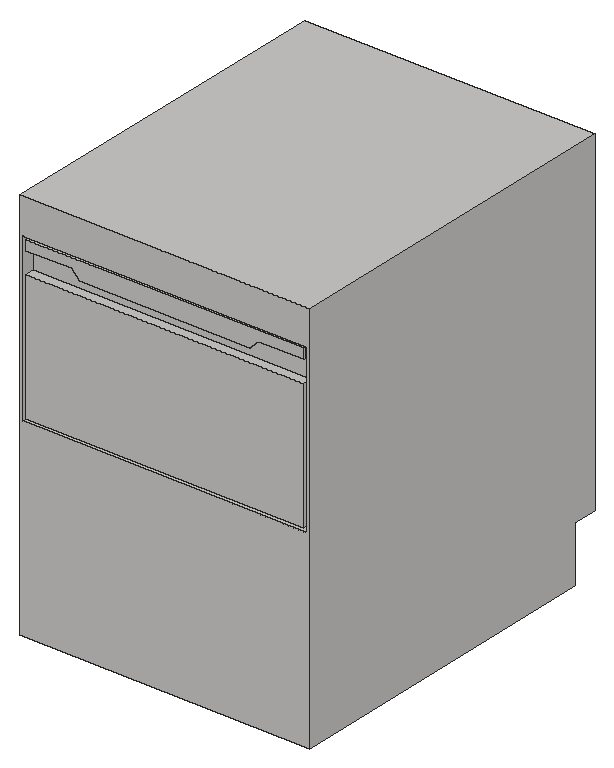
Revit family "QF_ELECTROLUXPROFESSIONAL_402208_ESSIC", category Specialty Equipment, Revit 2018
Family settings
  Round Connector Dimension = Use Diameter
  Part Type = Normal
  Work Plane-Based = No
  Always vertical = Yes
  Cut with Voids When Loaded = No
  Shared = No
  Room Calculation Point = No
Parameters
  Weight = 34.00 kg
  Watts = 0 W
  Volts = 0 V
  URL Manufacturer = ""
  URL = "http://professional.electrolux.com/"
  Steam Supply Size = 0 mm
  Steam Supply Minimum Pressure = 0.0 Pa
  Steam Supply Maximum Pressure = 0.0 Pa
  Steam Pounds per Hour = 0
  Show Logo [instance] = yes
  Show Clearance [instance] = yes
  Refrigeration Suction Line Size = 0 mm
  Refrigeration Liquid Line Size = 0 mm
  Refrigerant Compressor Remote = yes
  Manufacturer = ""
  Phase = 0
  Model = ""
  Length Actual = 460 mm  # constant formula
  Item Number = ""
  Hot Water Size = 0 mm
  Height Actual = 635 mm  # constant formula
  HP = "4.4 HP"
  Gas Size = 0 mm
  Gas KW = 0
  Gas Input Pressure = 0 W
  Direct Waste Size = 22 mm
  Description = ""
  Depth Actual = 565 mm  # constant formula
  Cycle = 0 Hz
  Condensate Return Size = 0 mm
  Compressed Air Volume = 0.0 L/s
  Compressed Air Size = 0 mm
  Compressed Air Pressure = 0.0 Pa
  Cold Water Size = 0 mm
  Accessory = yes
Types (2, lengths in mm): name | Volts | URL Manufacturer | URL | Manufacturer | Phase | Model | Item Number | Description | Cycle | Cold Water Size
  (no name) | 0 V | "" | "http://professional.electrolux.com/" | "" | 0 | "" | "" | "" | 0 Hz | 0
  Standard | 220 V | "http://professional.electrolux.com" | "http://professional.electrolux.com" | "Electrolux Professional" | 1 | "ESSIC" | "402208" | "GLASSWASHER(SHORT S) DOUBLE SKIN, COLD RINSE, 30B/H" | 50 Hz | 19.05
Reference planes
  plane 1 "Center (Front/Back)": y = 0
  plane 2: z = 0
  plane 3 "Center (Left/Right)": x = 0
  plane 4 "LEFT": x = -230
  plane 5 "RIGHT": x = 230
  plane 6 "FRONT": y = -282.5
  plane 7 "BACK": y = 282.5
  plane 8: x = -202.5
  plane 9: x = 202.5
  plane 10: z = 635
  plane 11: z = 10
Forms (mm)
  Extrusion 1, solid, material "QF_Finishes_Stainless Steel"
    sketch origin (0, 0, 0) x (1, 0, 0) y (0, 1, 0)
      loop
        line (-230, -282.5) -> (230, -282.5) -> (230, 243.5) -> (-230, 243.5) -> (-230, -282.5)
    from 10 to 635
  Extrusion 2, solid, material "QF_Finishes_Stainless Steel"
    sketch origin (0, 0, 0) x (1, 0, 0) y (0, 1, 0)
      loop
        line (-230, 243.5) -> (230, 243.5) -> (230, 282.5) -> (-230, 282.5) -> (-230, 243.5)
    from 100 to 635
  Extrusion 3, solid, material "QF_Finishes_Stainless Steel"
    sketch origin (0, 0, 0) x (1, 0, 0) y (0, 1, 0)
      loop
        circle (-202.5, 184.5) r 12.5
      loop
        circle (202.5, 184.5) r 12.5
      loop
        circle (-202.5, -235.5) r 12.5
      loop
        circle (202.5, -235.5) r 12.5
    from 0 to 10
  Extrusion 4, void
    sketch origin (-230, -282.5, 0) x (-1, 0, 0) y (0, 0, 1)
      loop
        line (-5, 578.217) -> (-455, 578.217) -> (-455, 315) -> (-5, 315) -> (-5, 578.217)
    from 0 to 30
  Extrusion 5, solid, material "QF_Finishes_Stainless Steel"
    sketch origin (-288, -392, 738) x (0, 0, -1) y (1, 0, 0)
      loop
        circle (693, 213) r 10
    from -635.5 to -674.5
  Extrusion 6, solid, material "QF_Door-Drawer Clearances", visible <- "Show Clearance", detail levels coarse
    sketch origin (-230, -282.5, 0) x (0, 1, 0) y (0, 0, -1)
      loop
        line (0, -315) -> (-230, -315)
        arc (-230, -315) -> (-165.874, -490.004) -> (0, -575) r 255.719
        line (0, -575) -> (0, -315)
    from -10 to -450
  Extrusion 7, solid, material "QF_Finishes_Stainless Steel"
    sketch origin (-242.481, -392, 738) x (0, 0, -1) y (1, 0, 0)
      loop
        circle (663, 322.481) r 8
    from -635.5 to -674.5
  Extrusion 8, solid, material "QF_Finishes_Stainless Steel"
    sketch origin (-230, -282.5, 0) x (0, 1, 0) y (0, 0, -1)
      loop
        line (0, -320) -> (0, -525) -> (15, -525) -> (15, -575) -> (25, -575) -> (25, -320) -> (0, -320)
    from -10 to -450
  Extrusion 9, solid, material "QF_Finishes_Stainless Steel"
    sketch origin (-230, -282.5, 0) x (0, 1, 0) y (0, 0, -1)
      loop
        line (15, -575) -> (15, -572.514) -> (2.5, -572.514) -> (2.5, -546.25) -> (0, -546.25) -> (0, -575) -> (15, -575)
    from -10 to -450
  Extrusion 10, void
    sketch origin (-230, -282.5, 575) x (0, 0, 1) y (1, 0, 0)
      loop
        line (-15.552, 10) -> (-15.552, 81.607) -> (-28.75, 94.804) -> (-28.75, 10) -> (-15.552, 10)
      loop
        line (-15.552, 450) -> (-28.75, 450) -> (-28.75, 365.196) -> (-15.552, 378.393) -> (-15.552, 450)
    from 0 to 2.5
  Extrusion 11, solid, material "QF_Finishes_Stainless Steel"
    sketch origin (-328, -392, 738) x (0, 0, -1) y (1, 0, 0)
      loop
        circle (663, 228) r 8
    from -635.5 to -674.5
Cuts and joins
  Extrusion 4 cuts Extrusion 1
  joined: Extrusion 1, Extrusion 2
  Extrusion 10 cuts Extrusion 8
  Extrusion 10 cuts Extrusion 9
Lines and regions (mm)
  Split face 1
    outline origin (-230, -282.5, 635) x (0, 0, -1) y (1, 0, 0)
      loop
        line (56.783, 5) -> (42.5, 5) -> (42.5, 67.5) -> (49.142, 74.142) -> (49.142, 385.858) -> (42.5, 392.5) -> (42.5, 455) -> (56.783, 455)
  Split face 2
    outline origin (-230, -282.5, 635) x (0, 0, -1) y (1, 0, 0)
      loop
        line (42.5, 5) -> (5, 5) -> (5, 455) -> (42.5, 455)
  Split face 3
    outline origin (-230, -282.5, 635) x (0, 0, -1) y (1, 0, 0)
      loop
        line (19.683, 178.044) -> (39.683, 178.044) -> (39.683, 218.044) -> (19.683, 218.044) -> (19.683, 178.044)
  symbolic lines
    curve 1: line (-230, 282.5, 0) -> (230, 282.5, 0)
    curve 2: line (-230, -282.5, 0) -> (-230, 282.5, 0)
    curve 3: line (230, -282.5, 0) -> (-230, -282.5, 0)
    curve 4: line (230, 282.5, 0) -> (230, -282.5, 0)
  symbolic lines, style "QF_Door-Drawer Clearances"
    curve 5: line (-220, -512.5, 0) -> (220, -512.5, 0)
    curve 6: line (220, -512.5, 0) -> (220, -282.5, 0)
    curve 7: line (-220, -512.5, 0) -> (-220, -282.5, 0)
  symbolic lines, style "SpecialityEquipmentHiddenLines"
    curve 8: line (-230, 243.5, 0) -> (230, 243.5, 0)
Dimensions and locks
  equal spacing: plane 4 "LEFT", plane 3 "Center (Left/Right)", plane 5 "RIGHT"
  equal spacing: plane 7 "BACK", plane 1 "Center (Front/Back)", plane 6 "FRONT"
  plane 7 "BACK" to plane 6 "FRONT" = 565 mm
  plane 4 "LEFT" to plane 5 "RIGHT" = 460 mm
  plane 4 "LEFT" to plane 8 = 27.5 mm
  plane 9 to plane 5 "RIGHT" = 27.5 mm
  locked: plane 11 to level at 10
  plane 4 "LEFT" to plane 3 "Center (Left/Right)" = 230 mm
  plane 10 to level = 635 mm  (x2)
  plane 8 to plane 9 = 405 mm
  level to Extrusion 11 sketch curve = 75 mm
  Extrusion 11 sketch curve to plane 4 "LEFT" = 130 mm
  level to Extrusion 5 sketch curve = 45 mm
  Extrusion 5 sketch curve to plane 4 "LEFT" = 155 mm
  Extrusion 7 sketch curve to plane 4 "LEFT" = 310 mm
  level to Extrusion 7 sketch curve = 75 mm
  locked: Extrusion 3 to cut or joined group of Extrusion 1, Extrusion 2, Extrusion 4 at 98
  Extrusion 3 to Extrusion 3 = 420 mm
  locked: plane 6 "FRONT" to Extrusion 3 at 47
  plane 9 to plane 8 = 405 mm
  plane 7 "BACK" to curve 5 = 795 mm
  cut or joined group of Extrusion 8, Extrusion 10 to cut or joined group of Extrusion 1, Extrusion 2, Extrusion 4 = 210 mm
  aligned and locked: level to plane 2
  aligned and locked: Extrusion 1 sketch curve to plane 6 "FRONT"
  aligned and locked: Extrusion 1 sketch curve to plane 4 "LEFT"
  aligned and locked: plane 5 "RIGHT" to Extrusion 1 sketch curve
  aligned and locked: Extrusion 1 to plane 11
  aligned and locked: Extrusion 2 sketch curve to Extrusion 1  (x2)
  aligned and locked: plane 7 "BACK" to Extrusion 2 sketch curve
  aligned and locked: plane 5 "RIGHT" to Extrusion 2 sketch curve
  aligned and locked: plane 11 to Extrusion 3
  aligned and locked: Extrusion 2 to Extrusion 5
  aligned and locked: Extrusion 2 to Extrusion 7
  aligned and locked: plane 7 "BACK" to Extrusion 7
  aligned and locked: plane 7 "BACK" to Extrusion 5
  aligned and locked: cut or joined group of Extrusion 9, Extrusion 10 to Extrusion 10
  aligned and locked: plane 10 to Extrusion 2
Automatic sketch dimensions
  curve 1 to plane 4 "LEFT" = 0 mm
  curve 7 to plane 6 "FRONT" = 0 mm
  curve 4 to plane 5 "RIGHT" = 0 mm
  curve 2 to plane 7 "BACK" = 0 mm
  plane 4 "LEFT" to curve 5 = 10 mm
  curve 6 to plane 5 "RIGHT" = 10 mm
  curve 8 to plane 7 "BACK" = 39 mm
  Extrusion 1 sketch curve to plane 7 "BACK" = 39 mm
  Extrusion 3 sketch curve to plane 8 = 0 mm  (x2)
  Extrusion 3 sketch curve to plane 9 = 0 mm  (x2)
  plane 6 "FRONT" to Extrusion 3 sketch curve = 47 mm  (x2)
  Extrusion 3 sketch curve to plane 7 "BACK" = 98 mm  (x2)
  Extrusion 4 sketch curve to Extrusion 1 = 5 mm  (x2)
  Extrusion 4 sketch curve to Extrusion 1 = 305 mm
  Extrusion 4 sketch curve to Extrusion 1 = 56.783 mm
  Extrusion 8 sketch curve to plane 6 "FRONT" = 0 mm
  plane 6 "FRONT" to Extrusion 8 sketch curve = 15 mm
  Extrusion 8 sketch curve to Extrusion 8 sketch curve = 25 mm
  Extrusion 8 sketch curve to plane 10 = 60 mm
  Extrusion 8 sketch curve to Extrusion 8 sketch curve = 50 mm
  Extrusion 8 sketch curve to Extrusion 8 sketch curve = 205 mm
  Extrusion 9 sketch curve to plane 6 "FRONT" = 0 mm
  Extrusion 9 sketch curve to Extrusion 9 sketch curve = 2.5 mm
  Extrusion 9 sketch curve to Extrusion 9 sketch curve = 12.5 mm
  Extrusion 9 sketch curve to plane 10 = 60 mm
  Extrusion 9 sketch curve to Extrusion 9 sketch curve = 2.486 mm
  Extrusion 9 sketch curve to Extrusion 9 sketch curve = 26.264 mm
  Extrusion 10 sketch curve to Extrusion 9 = 0 mm  (x3)
  Extrusion 9 to Extrusion 10 sketch curve = 0 mm
  Extrusion 10 sketch curve to Extrusion 9 = 13.198 mm  (x2)
  Extrusion 10 sketch curve to Extrusion 9 = 71.607 mm
  Extrusion 10 sketch curve to Extrusion 10 sketch curve = 13.198 mm  (x2)
  Extrusion 10 sketch curve to Extrusion 9 = 84.804 mm
  Extrusion 6 sketch curve to plane 6 "FRONT" = 0 mm
  Extrusion 6 sketch curve to plane 6 "FRONT" = 230 mm
  plane 6 "FRONT" to Extrusion 6 sketch curve = 25.658 mm
  Extrusion 6 sketch curve to plane 10 = 60 mm
  Extrusion 6 sketch curve to Extrusion 6 sketch curve = 254.429 mm
  Split face 1 sketch curve to cut or joined group of Extrusion 1, Extrusion 2, Extrusion 4 = 0 mm  (x4)
  cut or joined group of Extrusion 1, Extrusion 2, Extrusion 4 to Split face 1 sketch curve = 7.641 mm
  Split face 1 sketch curve to Split face 1 sketch curve = 6.642 mm  (x4)
  Split face 1 sketch curve to Split face 1 sketch curve = 62.5 mm
  Split face 1 sketch curve to cut or joined group of Extrusion 1, Extrusion 2, Extrusion 4 = 69.142 mm
  Split face 2 sketch curve to cut or joined group of Extrusion 1, Extrusion 2, Extrusion 4 = 0 mm  (x2)
  Split face 2 sketch curve to cut or joined group of Extrusion 1, Extrusion 2, Extrusion 4 = 5 mm
  cut or joined group of Extrusion 1, Extrusion 2, Extrusion 4 to Split face 2 sketch curve = 14.283 mm  (x2)
  Split face 3 sketch curve to cut or joined group of Extrusion 1, Extrusion 2, Extrusion 4 = 19.683 mm
  cut or joined group of Extrusion 1, Extrusion 2, Extrusion 4 to Split face 3 sketch curve = 17.1 mm
  Split face 3 sketch curve to cut or joined group of Extrusion 1, Extrusion 2, Extrusion 4 = 173.044 mm
  Split face 3 sketch curve to Split face 3 sketch curve = 40 mm
  radius of Extrusion 5 sketch curve = 10 mm
  radius of Extrusion 7 sketch curve = 8 mm
  radius of Extrusion 11 sketch curve = 8 mm
  radius of Extrusion 3 sketch curve = 12.5 mm  (x4)
Connectors
  piping at (-75, 282.5, 45), diameter 20
    settings: on Extrusion 5, index 1, connector inside diameter 609.6 mm, connector length 0 mm, flow factor 0, pipe flow 0.0 L/s, pressure drop 0.0 Pa, fitting loss kfactor 0, connector angle 0.00°, fixture units 0, engagement length 0 mm, angle of deflection 0.00°, flow configuration 1, flow direction 1, fitting loss method 0, system type 16, joint type 0, gender type 0, connector reference index -1, connector utility 0, adjustable connector no, is connector primary yes, connector description "Drain"
  piping at (80, 282.5, 75), driven by "Cold Water Size"
    settings: on Extrusion 7, index 3, connector diameter 0 mm, connector inside diameter 609.6 mm, connector length 0 mm, flow factor 0, pipe flow 0.0 L/s, pressure drop 0.0 Pa, fitting loss kfactor 0, connector angle 0.00°, fixture units 0, engagement length 0 mm, angle of deflection 0.00°, flow configuration 1, flow direction 1, fitting loss method 0, system type 20, joint type 0, gender type 0, connector reference index -1, connector utility 0, adjustable connector no, is connector primary no, connector description "Cold Water Inlet"
  electrical at (-100, 282.5, 75), driven by "Volts"
    settings: on Extrusion 11, index 4, voltage 0 V, apparent load 0 VA, apparent load phase1 0 VA, apparent load phase2 0 VA, apparent load phase3 0 VA, power factor 1, load classification "Altro", number of poles 1, system type 31, power factor state 1, is connector primary yes, connector utility no, sub classification motor no, connector description "Electrical Connection"
